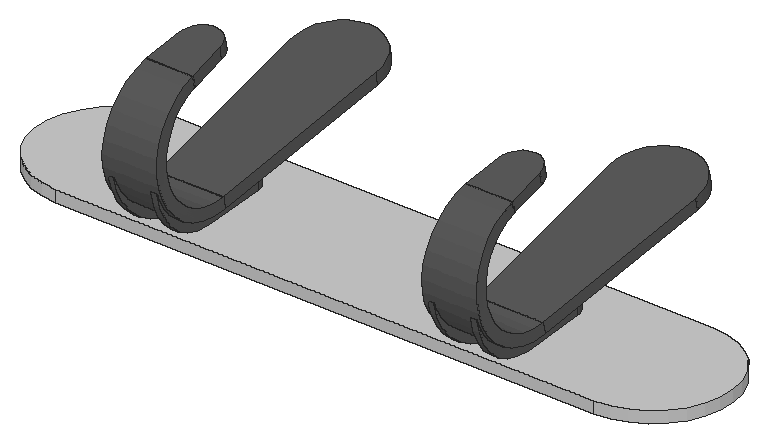
Revit family "Magnuson-KrokHJH-CoatHookStrip-1", category Furniture, host Face, Revit 2020
Family settings
  Host = Face
  Cut with Voids When Loaded = No
  Shared = No
  Room Calculation Point = No
Parameters (values of type "KROK HJH-30")
  Width = 11.811"
  URL = "www.magnusongroup.com"
  Type Comments = "Coat Hook Strip"
  Support-2 = no
  Support-1 = yes
  Revit Model Built By = "https://servex-us.com/servex-revit/"
  Product Documentation Link = "https://magnusongroup.com/products/coathookstrips/krokhjh.html"
  Hook Qty = 2
  Frame Finish = MAG - Textured painted steel
  Salvage or Reuse = yes
  Percentage of Recycled Content = 0
  Model = "KROK HJH-30"
  Manufacturer = "Magnuson Group"  # constant formula
  Low Emitting Material = yes
  Low Emitting Finish = yes
  Keynote = "12500"
  Hook Finish = MAG - Plastic Black
  Dist Hook = 3 5/32"
  Description = "Textured painted steel hook strip with two matching plastic coat hooks."
  Default Elevation = 48"
  Assembly Code = "E2020200"
Types (5): name | Width | Type Comments | Support-2 | Support-1 | Product Documentation Link | Hook Qty | Model | Dist Hook | Description
  (no name) | 11.811" | "Coat Hook Strip" | no | yes | "https://magnusongroup.com/products/coathookstrips/krokhjh.html" | 2 | "KROK HJH-30" | 3 5/32" | "Textured painted steel hook strip with two matching plastic coat hooks."
  KROK HJH-30 | 11.811" | "Coat Hook Strip" | no | yes | "https://magnusongroup.com/products/coathookstrips/krokhjh.html" | 2 | "KROK HJH-30" | 3 5/32" | "Textured painted steel hook strip with two matching plastic coat hooks."
  KROK HJH-90 | 35 13/16" | "Coat Hook Strip" | no | yes | "https://magnusongroup.com/products/coathookstrips/krokhjh.html" | 8 | "KROK HJH-90" | 3 5/32" | "Textured painted steel hook strip with eight matching plastic coat hooks."
  KROK HJH-60 | 23 13/16" | "Coat Hook Strip" | yes | yes | "https://magnusongroup.com/products/coathookstrips/krokhjh.html" | 5 | "KROK HJH-60" | 3 5/32" | "Textured painted steel hook strip with five matching plastic coat hooks."
  KROK HJH-10 | 3 3/8" | "Coat Hook" | yes | no | "https://www.magnusongroup.com/products/coathookstrips/krokhjh.html" | 2 | "KROK HJH-10" | 1 11/16" | "Front mount coat hook with back plate and matching plastic hook"
Reference planes (in)
  plane 1 "Center (Front/Back)": y = 0
  plane 2: z = 0
  plane 3 "Center (Left/Right)": x = 0
  plane 4: x = 11.811
  plane 5: z = 0.20064
  plane 6: x = 5.9055
Forms (in)
  Extrusion 1, solid, material "MAG - Textured painted steel" <- "Frame Finish", visible <- "Support-1"
    sketch origin (0, 0, 0) x (1, 0, 0) y (0, 1, 0)
      loop
        arc (1.27953, 1.27953) -> (0, 0) -> (1.27953, -1.27952) r 1.27953
        line (1.27953, -1.27952) -> (10.53147, -1.27952)
        arc (10.53147, -1.27952) -> (11.811, 0) -> (10.53147, 1.27953) r 1.27953
        line (10.53147, 1.27953) -> (1.27953, 1.27953)
    from 0 to 0.20064
  Extrusion 2, solid, material "MAG - Textured painted steel" <- "Frame Finish", visible <- "Support-2"
    sketch origin (0, 0, 0) x (1, 0, 0) y (0, 1, 0)
      loop
        circle (5.9055, 0) r 1.6875
    from 0 to 0.20064
Lines and regions (in)
  symbolic lines, visible <- "Support-1"
    curve 1: line (11.811, 0, 0.20064) -> (0, 0, 0.20064)
    curve 2: line (11.811, 0, 0) -> (11.811, 0, 0.20064)
    curve 3: line (0, 0, 0) -> (11.811, 0, 0)
    curve 4: line (0, 0, 0.20064) -> (0, 0, 0)
  symbolic lines, visible <- "Support-2"
    curve 5: line (7.593, 0, 0.20064) -> (4.218, 0, 0.20064)
    curve 6: line (7.593, 0, 0) -> (7.593, 0, 0.20064)
    curve 7: line (4.218, 0, 0) -> (7.593, 0, 0)
    curve 8: line (4.218, 0, 0.20064) -> (4.218, 0, 0)
Dimensions and locks (in)
  group 1 to group 2 = 5.4985"
  group 1 to group 2 = 0"  (x2)
  "Width": plane 3 "Center (Left/Right)" to plane 4
  nested 1 to plane 3 "Center (Left/Right)" = 3 5/32"
  plane 4 to nested 2 = 3 5/32"
  Extrusion 1 sketch curve to plane 1 "Center (Front/Back)" to Extrusion 1 sketch curve = 1.27952" locked, 1.27953" locked
  locked: Extrusion 1 sketch curve to plane 4 at 1.27953
  locked: plane 3 "Center (Left/Right)" to Extrusion 1 sketch curve at 1.27953
  "Dist Hook": plane 3 "Center (Left/Right)" to nested 1
  "Dist Hook": nested 2 to plane 4
  locked: Extrusion 1 to plane 2 at 0.20064
  locked: plane 5 to plane 2 at 0.20064
  equal spacing: plane 3 "Center (Left/Right)", plane 6, plane 4
  aligned and locked: plane 2 to host face
  aligned and locked: level to host face
  aligned and locked: plane 1 "Center (Front/Back)" to nested 1
  aligned and locked: plane 1 "Center (Front/Back)" to nested 2
  aligned and locked: plane 2 to nested 2
  aligned and locked: plane 2 to nested 1
  aligned and locked: Extrusion 1 to plane 2
  aligned and locked: plane 1 "Center (Front/Back)" to Extrusion 2 sketch curve
  aligned and locked: Extrusion 2 to plane 2
  aligned and locked: plane 5 to Extrusion 2
  aligned and locked: curve 2 to plane 4
  aligned and locked: curve 1 to plane 5
  aligned and locked: plane 2 to curve 3
  aligned and locked: plane 3 "Center (Left/Right)" to curve 4
  aligned and locked: Extrusion 2 to curve 5
  aligned and locked: curve 6 to Extrusion 2
  aligned and locked: curve 7 to Extrusion 2
  aligned and locked: curve 8 to Extrusion 2
  aligned and locked: plane 6 to Extrusion 2 sketch curve
Automatic sketch dimensions
  host sketch curve to host sketch curve = 21.12737"
  host sketch curve to host sketch curve = 15.17679"
  radius of Extrusion 2 sketch curve = 1 11/16"
Nested families (in)
  nested 1: "Krok-H" at (3.15625, 0, 0), type "Krok-H"
  nested 2: "Krok-H" at (8.65475, 0, 0), type "Krok-H"
Definition of nested family "Krok-H"
  Parameters (values of type "Krok-H")
    Revit Model Built By = "https://servex-us.com/servex-revit/"
    Hook Finish = none
    Default Elevation = 0"
  Reference planes (in)
    plane 1 "Center (Front/Back)": y = 0
    plane 2: z = 0
    plane 3 "Center (Left/Right)": x = 0
    plane 4: through (-0.25533, 0.41369, 48) normal (0.9976, -0.0698, 0)
  Forms (in)
    Extrusion 1, solid, material <- "Hook Finish"
      sketch origin (0, 0.13924, 0.83569) x (-1, 0, 0) y (0, 0.979611, 0.200903)
        loop
          line (-0.56268, -0.87756) -> (0.56268, -0.87756) -> (0.73901, 2.24986)
          arc (0.73901, 2.24986) -> (0, 3.03172) -> (-0.73901, 2.24986) r 0.74019
          line (-0.73901, 2.24986) -> (-0.56268, -0.87756)
      from -0.03887 to 0.15946
    Extrusion 2, solid, material <- "Hook Finish"
      sketch origin (-0.25533, 0.41369, 48) x (0.069756, 0.997564, 0) y (0, 0, 1)
        loop
          line (0, -47.26546) -> (-1.23234, -47.51984)
          arc (-1.23234, -47.51984) -> (-1.94357, -47.34077) -> (-2.39243, -46.76073) r 1.12256
          arc (-2.39243, -46.76073) -> (-1.97719, -47.50428) -> (-1.17831, -47.79936) r 1.22895
          line (-1.17831, -47.79936) -> (0, -47.79936) -> (0, -47.26546)
      from 0 to 0.10483
    Extrusion 3, solid, material <- "Hook Finish"
      sketch origin (0.25533, 0.41369, 48) x (-0.069756, 0.997564, 0) y (0, 0, -1)
        loop
          line (0, 47.26546) -> (0, 47.79936) -> (-1.17831, 47.79936)
          arc (-1.17831, 47.79936) -> (-1.97719, 47.50428) -> (-2.39243, 46.76073) r 1.22895
          arc (-2.39243, 46.76073) -> (-1.94357, 47.34077) -> (-1.23234, 47.51984) r 1.12256
          line (-1.23234, 47.51984) -> (0, 47.26546)
      from 0 to 0.10483
    Extrusion 4, solid, material <- "Hook Finish"
      sketch origin (0, 0, 0) x (1, 0, 0) y (0, 1, 0)
        loop
          line (-0.25643, 0.41377) -> (-0.15075, 0.40638) -> (0.15075, 0.40638) -> (0.25635, 0.41376)
          arc (0.25635, 0.41376) -> (-0.00004, 0.65241) -> (-0.25643, 0.41377) r 0.25705
      from 0.20064 to 0.82885
    Extrusion 5, solid, material <- "Hook Finish"
      sketch origin (0, 0.13924, 2.07006) x (-1, 0, 0) y (0, 0.979611, 0.200903)
        loop
          line (-0.39723, -1.16618) -> (0.39723, -1.16618) -> (0.34999, -0.50444)
          arc (0.34999, -0.50444) -> (0, -0.17854) -> (-0.34999, -0.50444) r 0.35088
          line (-0.34999, -0.50444) -> (-0.39723, -1.16618)
      from -0.88072 to -0.68952
    SweptBlend 6, solid, material <- "Hook Finish"
      path origin (0, 0, 0) x (0, 1, 0) y (0, 0, 1)
        loop
          arc (-1.1801, 2.69853) -> (-2.01409, 1.359) -> (-0.68839, 0.50318) r 1.12502
      profile origin (0, -1.1801, 2.69853) x (0, 0.234518, -0.972112) y (1, 0, 0)
        loop
          line (0.19108, 0.39723) -> (0, 0.39723) -> (0, -0.39723) -> (0.19108, -0.39723) -> (0.19108, 0.39723)
      end profile origin (0, -0.68839, 0.50318) x (0, -0.202548, 0.979272) y (1, 0, 0)
        loop
          line (0, 0.56268) -> (0, -0.56268) -> (0.19833, -0.56268) -> (0.19833, 0.56268) -> (0, 0.56268)
  Dimensions and locks (in)
    aligned and locked: plane 2 to level
